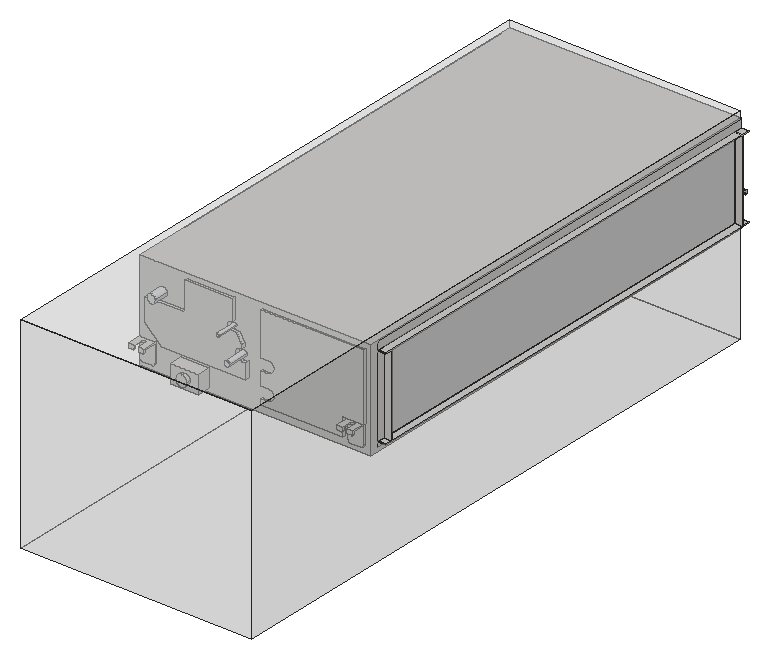
Revit family "outputfile", category 機械設備, Revit 2024
Family settings
  丸型コネクタ寸法 = 半径を使用
  パーツ タイプ = 標準
  OmniClass 番号 = 23.75.10.24.21.27.27
  OmniClass タイトル = Split System Air Conditioning Units
  作業面ベース = いいえ
  常に垂直 = はい
  ロード時にボイドで切り取り = いいえ
  注釈の向きを維持 = いいえ
  共有 = いいえ
  部屋計算ポイント = はい
Parameters (values of type "FXMQ100PAV4")
  Description = ""
  製造元 = "Daikin"
  書き出し IFC クラス(タイプ) = "IfcUnitaryEquipmentType"
  定義済み IFC タイプ(タイプ) = "AIRCONDITIONINGUNIT"
  Cost = 0
  モデル = "FXMQ100PAV4"
  Type Comments = ""
  Keynote = ""
  Type Image = (empty or 0)
  Assembly Code = ""
  r_Liquid Pipe Size = Liquid Pipe Size / 2  # 4.75 mm
  r_Gas Pipe Size = Gas Pipe Size / 2  # 7.95 mm
  r_Drain Pipe Size = Drain Pipe Size / 2  # 12.5 mm
  lw_power = 396.0 mm  # constant formula
  lh_SA = 165.0 mm  # constant formula
  lw_SA = if(Depth = 550.0 mm, 210.0 mm, if(Depth = 700.0 mm, 285.0 mm, if(Depth = 1000.0 mm, 435.0 mm, 635.0 mm)))  # 635.0 mm
  lw_RA = if(Depth = 550.0 mm, 288.0 mm, if(Depth = 700.0 mm, 363.0 mm, if(Depth = 1000.0 mm, 513.0 mm, 713.0 mm)))  # 713.0 mm
  lh_power = 60.0 mm + [h***]  # 60.0 mm
  lh_mountinghole1 = lh_mountinghole + [h***]  # 80.0 mm
  lh_RA = 150.0 mm  # constant formula
  ld_power = Depth / 2  # 700.0 mm
  Voltage_comment_60Hz = "220"
  Voltage_comment_50Hz = "220-240"
  Voltage_60Hz = 220 V
  Voltage_50Hz = 220 V
  URL = ""
  Supply Air Direction [instance] = yes
  Sound Power Level_H speed (dB) = 61
  Phase_60Hz = 1
  Phase_50Hz = 1
  Minimum External Static Pressure = 50.00 Pa
  Minimum Circuit Amps_60Hz = 2.9 A
  Minimum Circuit Amps_50Hz = 2.9 A
  Maximum Fuse Amps_60Hz = 16.0 A
  Maximum Fuse Amps_50Hz = 16.0 A
  Maximum External Static Pressure = 200.00 Pa
  Material_Casing = DAIKIN_GalvanizedSteel_Casing_indoorunit
  lw_mountinghole = 631.0 mm  # constant formula
  lh_gaspipe = 144.0 mm + [h***]  # 144.0 mm
  lh_mountinghole = 80.0 mm  # constant formula
  lh_liquidpipe = 212.0 mm + [h***]  # 212.0 mm
  lh_drainpipe = 232.0 mm + [h***]  # 232.0 mm
  lh_antena = Height - lh_mountinghole + 1.0 mm  # 221.0 mm
  ld_drainpipe = Depth / 2 + 54.0 mm  # 754.0 mm
  ld_liquidpipe = 765.0 mm
  ld_gaspipe = 765.0 mm
  ld_mountinghole = Depth + 38.0 mm  # 1438.0 mm
  h*** = 0.0 mm  # constant formula
  lw_liquidpipe = 290.0 mm  # constant formula
  lw_gaspipe = 318.0 mm  # constant formula
  lw_drainpipe = 80.0 mm  # constant formula
  Width = 700.0 mm
  Version = "ver.1.0"
  Unit Type = "Middle-High Static Pressure Duct Type"
  Unit Mass Weight = 45.00 kg
  Unit Designation [instance] = ""
  Uniclass2015Version = "Products v1.30"
  Uniclass2015Title = "Variable refrigerant flow units"
  Uniclass2015Code = "Pr_70_65_03_94"
  Total Heating Capacity [instance] = 0.000 kW
  Total Cooling Capacity [instance] = 0.000 kW
  Sound Pressure Level_M speed (dBA) = 0
  Sound Pressure Level_L speed (dBA) = 39
  Sound Pressure Level_H speed (dBA) = 43
  Series = "VRV Fan Coil Unit"
  Sensible Cooling Capacity [instance] = 0.000 kW
  SA Duct Size Width = if(Depth = 550.0 mm, 310.0 mm, if(Depth = 700.0 mm, 460.0 mm, if(Depth = 1000.0 mm, 760.0 mm, 1160.0 mm)))  # 1160.0 mm
  SA Duct Size Height = 215.0 mm
  Refrigerant Type = "R410A"
  RA Duct Size Width = if(Depth = 550.0 mm, 475.0 mm, if(Depth = 700.0 mm, 625.0 mm, if(Depth = 1000.0 mm, 925.0 mm, 1325.0 mm)))  # 1325.0 mm
  RA Duct Size Height = 247.0 mm
  Power Input (Heating) = 0.364 kW
  Power Input (Cooling) = 0.376 kW
  Option Accessory 3 [instance] = ""
  Option Accessory 2 [instance] = ""
  Option Accessory 1 [instance] = ""
  Nominal Heating Capacity = 12.500 kW
  Nominal Cooling Capacity = 11.200 kW
  Minimum Airflow = 1380.00 m³/h
  Median Airflow = 1620.00 m³/h
  Maximum Airflow = 1920.00 m³/h
  Load Classification = HVAC
  Liquid Pipe Size = 9.5 mm
  Link_Nested Family [instance] = ""
  IfcVersion = "0"
  IfcExportType = "AIRCONDITIONINGUNIT"
  IfcExportAs = "IfcUnitaryEquipmentType"
  Height = 300.0 mm
  Heating Entering Wet Bulb Temperature [instance] = 0.00 °C
  Heating Entering Dry Bulb Temperature [instance] = 0.00 °C
  Heating Ambient Wet Bulb Temperature [instance] = 0.00 °C
  Heating Ambient Dry Bulb Temperature [instance] = 0.00 °C
  Heat Exchanger Type = "Cross Fin Coil"
  Gas Pipe Size = 15.9 mm
  Frequency_60Hz = 60 Hz
  Frequency_50Hz = 50 Hz
  Fan Type = "Sirocco Fan"
  Fan Drive = "Direct Drive"
  FCU Tag No. [instance] = ""
  Drain Pipe Size = 25.0 mm
  Design Supply Airflow [instance] = 0.00 m³/h
  Design Return Airflow [instance] = 0.00 m³/h
  Design External Static Pressure [instance] = 0.00 Pa
  Depth = 1400.0 mm
  既定の高さ = 0.0 mm
  Cooling Entering Wet Bulb Temperature [instance] = 0.00 °C
  Cooling Entering Dry Bulb Temperature [instance] = 0.00 °C
  Cooling Ambient Wet Bulb Temperature [instance] = 0.00 °C
  Cooling Ambient Dry Bulb Temperature [instance] = 0.00 °C
  Clearance visibility [instance] = yes
  Clearance Top = 20.0 mm
  Clearance Right = 0.0 mm
  Clearance Rear = 0.0 mm
  Clearance Left = 0.0 mm
  Clearance Front = 450.0 mm
  Clearance Bottom = 300.0 mm
Reference planes
  plane 1 "Center (Front/Back)": y = 0
  plane 2 "h": z = 0
  plane 3 "Center (Left/Right)": x = 0
  plane 4 "Back": y = 700
  plane 5 "Front": y = -700
  plane 6 "Left": x = -350
  plane 7 "Reight": x = 350
  plane 8 "Top": z = 0
  plane 9 "Bottom": z = -300
  plane 10: y = -215
  plane 11: y = 700
  plane 12: y = -1150
  plane 13: x = -350
  plane 14: x = 350
  plane 15: z = 20
  plane 16: z = -600
  plane 17: x = -350
  plane 18: z = -135
  plane 19: x = -349
  plane 20: x = 349
  plane 21: y = 65
  plane 22: y = 13
  plane 23: z = -150
  plane 24: y = -710.8
  plane 25: z = -14
  plane 26: z = -219
  plane 27: x = -324
  plane 28: x = -60
  plane 29: x = -20
  plane 30: z = -156
  plane 31: x = -32
  plane 32: z = -88
  plane 33: x = 23
  plane 34: x = 335
  plane 35: z = -15.8
  plane 36: z = -274.8
  plane 37: z = -219.8
  plane 38: x = 271
  plane 39: x = -223.3
  plane 40: x = -138.3
  plane 41: z = -232.7
  plane 42: z = -288.5
  plane 43: y = -741
  plane 44: x = -181
  plane 45: z = -260
  plane 46: y = -751
  plane 47: z = -163.8
  plane 48: z = -239.8
  plane 49: x = 46
  plane 50: z = -88
  plane 51: x = -60
  plane 52: y = -765
  plane 53: z = -156
  plane 54: x = -32
  plane 55: y = -754
  plane 56: z = -68
  plane 57: x = -270
  plane 58: x = -270
  plane 59: x = -60
  plane 60: x = -32
  plane 61: x = 46
  plane 62: x = -323
  plane 63: x = 308
  plane 64: y = -719
  plane 65: y = 719
  plane 66: z = -220
  plane 67: y = -706
  plane 68: x = -204
  plane 69: z = -100.2
  plane 70: x = -374
  plane 71: x = 374
Forms (mm)
  Extrusion 1, solid, material "DAIKIN_GalvanizedSteel_Casing_indoorunit" <- "Material_Casing"
    sketch origin (0, 0, 0) x (1, 0, 0) y (0, 1, 0)
      loop
        line (-349, 700) -> (-349, -700) -> (349, -700) -> (349, 700) -> (-349, 700)
    from -300 to 0
  Extrusion 2, solid, material "DAIKIN_GalvanizedSteel_Casing_indoorunit" <- "Material_Casing"
    sketch origin (0, 0, 0) x (1, 0, 0) y (0, 0, 1)
      loop
        line (-324, -100.2) -> (-324, -168) -> (-273, -219) -> (-20, -219) -> (-20, -173.5) -> (-32, -173.5)
        arc (-32, -173.5) -> (-49.5, -156) -> (-32, -138.5) r 17.5
        line (-32, -138.5) -> (-32, -127.5) -> (-47, -101) -> (-60, -101)
        arc (-60, -101) -> (-73, -88) -> (-60, -75) r 13
        line (-60, -75) -> (-60, -14) -> (-204, -14) -> (-204, -100.2) -> (-324, -100.2)
    from 700 to 710.8
  Extrusion 3, solid, material "DAIKIN_GalvanizedSteel_Casing_indoorunit" <- "Material_Casing"
    sketch origin (0, 0, 0) x (1, 0, 0) y (0, 0, 1)
      loop
        line (23, -274.8) -> (271, -274.8) -> (271, -219.8) -> (335, -219.8) -> (335, -15.8) -> (23, -15.8) -> (23, -146.3) -> (46, -146.3)
        arc (46, -146.3) -> (63.5, -163.8) -> (46, -181.3) r 17.5
        line (46, -181.3) -> (23, -181.3) -> (23, -222.3) -> (46, -222.3)
        arc (46, -222.3) -> (63.5, -239.8) -> (46, -257.3) r 17.5
        line (46, -257.3) -> (23, -257.3) -> (23, -274.8)
    from 700 to 706
  Extrusion 4, solid, material "DAIKIN_GalvanizedSteel_Casing_indoorunit" <- "Material_Casing"
    sketch origin (0, 0, 0) x (1, 0, 0) y (0, 0, 1)
      loop
        line (-223.3, -232.7) -> (-223.3, -288.5) -> (-138.3, -288.5) -> (-138.3, -232.7) -> (-223.3, -232.7)
    from 700 to 741
  Extrusion 5, solid, material "DAIKIN_GalvanizedSteel_Casing_indoorunit" <- "Material_Casing"
    sketch origin (0, 0, 0) x (1, 0, 0) y (0, 0, 1)
      loop
        circle (-181, -260) r 16.5
    from 741 to 751
  Extrusion 6, solid
    sketch origin (0, 0, 0) x (1, 0, 0) y (0, 0, 1)
      loop
        circle (-60, -88) r 4.75
    from 700 to 765
  Extrusion 7, solid
    sketch origin (0, 0, 0) x (1, 0, 0) y (0, 0, 1)
      loop
        circle (-32, -156) r 7.95
    from 700 to 765
  Extrusion 8, solid
    sketch origin (0, 0, 0) x (1, 0, 0) y (0, 0, 1)
      loop
        circle (-270, -68) r 12.5
    from 710.8 to 754
Dimensions and locks
  "Height": plane 8 "Top" to plane 9 "Bottom"
  equal spacing: plane 4 "Back", plane 1 "Center (Front/Back)", plane 5 "Front"
  "Depth": plane 4 "Back" to plane 5 "Front"
  equal spacing: plane 6 "Left", plane 3 "Center (Left/Right)", plane 7 "Reight"
  "Width": plane 6 "Left" to plane 7 "Reight"
  "Clearance Left": plane 13 to plane 6 "Left"
  "Clearance Right": plane 7 "Reight" to plane 14
  "Clearance Rear": plane 11 to plane 4 "Back"
  "Clearance Front": plane 5 "Front" to plane 12
  "Clearance Top": plane 15 to plane 8 "Top"
  "Clearance Bottom": plane 9 "Bottom" to plane 16
  "lh_SA": plane 18 to plane 9 "Bottom"
  locked: plane 17 to plane 19 at 1
  locked: plane 20 to plane 14 at 1
  "lw_SA": plane 11 to plane 21
  "lw_RA": plane 22 to plane 5 "Front"
  "lh_RA": plane 23 to plane 9 "Bottom"
  locked: plane 5 "Front" to plane 24 at 10.8
  plane 29 to plane 28 to plane 27 to plane 6 "Left" = 40.0 mm, 264.0 mm, 26.0 mm
  locked: plane 31 to plane 6 "Left" at 318
  plane 34 to plane 33 to plane 6 "Left" = 312.0 mm locked, 373.0 mm locked
  locked: plane 34 to plane 38 at 64
  locked: plane 37 to plane 36 at 55
  plane 40 to plane 39 to plane 6 "Left" = 85.0 mm locked, 126.7 mm locked
  locked: plane 5 "Front" to plane 43 at 41
  locked: plane 44 to plane 6 "Left" at 169
  locked: plane 43 to plane 46 at 10
  plane 47 to plane 48 to plane 36 = 76.0 mm locked, 35.0 mm locked
  locked: plane 49 to plane 33 at 23
  "lw_liquidpipe": plane 51 to plane 6 "Left"
  "lh_liquidpipe": plane 50 to plane 9 "Bottom"
  "lh_gaspipe": plane 53 to plane 9 "Bottom"
  "lw_gaspipe": plane 54 to plane 6 "Left"
  "ld_gaspipe": plane 52 to plane 1 "Center (Front/Back)"
  "ld_drainpipe": plane 55 to plane 1 "Center (Front/Back)"
  "lh_drainpipe": plane 56 to plane 9 "Bottom"
  "lw_drainpipe": plane 57 to plane 6 "Left"
  "lw_drainpipe": plane 6 "Left" to plane 58
  "lw_liquidpipe": plane 6 "Left" to plane 59
  "lw_gaspipe": plane 6 "Left" to plane 60
  "lw_power": plane 6 "Left" to plane 61
  plane 17 to plane 62 = 27.0 mm
  "lw_mountinghole": plane 62 to plane 63
  equal spacing: plane 64, plane 1 "Center (Front/Back)", plane 65
  "ld_mountinghole": plane 65 to plane 64
  "lh_mountinghole": plane 66 to plane 9 "Bottom"
  plane 8 "Top" to plane 41 to plane 42 = 232.7 mm locked, 55.8 mm locked
  locked: plane 8 "Top" to plane 45 at 260
  plane 8 "Top" to plane 25 to plane 26 = 14.0 mm locked, 205.0 mm locked
  plane 8 "Top" to plane 32 to plane 30 = 88.0 mm locked, 68.0 mm locked
  plane 8 "Top" to plane 35 to plane 36 = 15.8 mm locked, 259.0 mm locked
  locked: plane 5 "Front" to plane 67 at 6
  locked: plane 25 to plane 69 at 86.2
  locked: plane 27 to plane 68 at 120
  locked: plane 70 to plane 6 "Left" at 24
  locked: plane 14 to plane 71 at 24
  "r_Liquid Pipe Size": radius of Extrusion 6 sketch curve
  "r_Gas Pipe Size": radius of Extrusion 7 sketch curve
  "r_Drain Pipe Size": radius of Extrusion 8 sketch curve
  aligned and locked: level to plane 2 "h"
  aligned and locked: plane 8 "Top" to Extrusion 1
  aligned and locked: Extrusion 1 to plane 9 "Bottom"
  aligned and locked: nested 5 to plane 12
  aligned and locked: plane 13 to nested 5
  aligned and locked: plane 14 to nested 5
  aligned and locked: nested 5 to plane 13
  aligned and locked: plane 11 to nested 5
  aligned and locked: plane 15 to nested 5
  aligned and locked: plane 16 to nested 5
  aligned and locked: plane 5 "Front" to Extrusion 1 sketch curve
  aligned and locked: Extrusion 1 to plane 19
  aligned and locked: plane 20 to Extrusion 1
  aligned and locked: nested 7 to plane 19
  aligned and locked: nested 7 to plane 21
  aligned and locked: plane 18 to nested 7
  aligned and locked: plane 20 to nested 8
  aligned and locked: plane 22 to nested 8
  aligned and locked: plane 23 to nested 8
  aligned and locked: Extrusion 2 to plane 24
  aligned and locked: plane 5 "Front" to Extrusion 2
  aligned and locked: plane 36 to Extrusion 3 sketch curve
  aligned and locked: plane 38 to Extrusion 3 sketch curve
  aligned and locked: plane 37 to Extrusion 3 sketch curve
  aligned and locked: Extrusion 3 sketch curve to plane 34
  aligned and locked: Extrusion 3 sketch curve to plane 35
  aligned and locked: Extrusion 3 sketch curve to plane 33
  aligned and locked: plane 5 "Front" to Extrusion 3
  aligned and locked: Extrusion 4 sketch curve to plane 41
  aligned and locked: Extrusion 4 sketch curve to plane 39
  aligned and locked: plane 42 to Extrusion 4 sketch curve
  aligned and locked: plane 40 to Extrusion 4 sketch curve
  aligned and locked: Extrusion 4 to plane 43
  aligned and locked: plane 5 "Front" to Extrusion 4
  aligned and locked: Extrusion 5 sketch curve to plane 44
  aligned and locked: plane 45 to Extrusion 5 sketch curve
  aligned and locked: Extrusion 5 to plane 46
  aligned and locked: plane 43 to Extrusion 5
  aligned and locked: Extrusion 6 sketch curve to plane 51
  aligned and locked: plane 50 to Extrusion 6 sketch curve
  aligned and locked: Extrusion 6 to plane 52
  aligned and locked: plane 5 "Front" to Extrusion 6
  aligned and locked: Extrusion 7 sketch curve to plane 54
  aligned and locked: plane 53 to Extrusion 7 sketch curve
  aligned and locked: Extrusion 7 to Extrusion 6
  aligned and locked: plane 5 "Front" to Extrusion 7
  aligned and locked: Extrusion 8 sketch curve to plane 57
  aligned and locked: plane 56 to Extrusion 8 sketch curve
  aligned and locked: Extrusion 8 to plane 55
  aligned and locked: plane 24 to Extrusion 8
  aligned and locked: nested 3 to plane 55
  aligned and locked: nested 3 to plane 58
  aligned and locked: nested 2 to plane 59
  aligned and locked: nested 2 to plane 52
  aligned and locked: nested 1 to plane 60
  aligned and locked: Extrusion 7 to plane 52
  aligned and locked: nested 1 to plane 52
  aligned and locked: nested 6 to plane 5 "Front"
  aligned and locked: nested 6 to plane 61
  aligned and locked: plane 62 to nested 10
  aligned and locked: nested 10 to plane 5 "Front"
  aligned and locked: plane 63 to nested 9
  aligned and locked: nested 9 to plane 5 "Front"
  aligned and locked: nested 11 to plane 62
  aligned and locked: plane 4 "Back" to nested 11
  aligned and locked: nested 12 to plane 63
  aligned and locked: plane 4 "Back" to nested 12
  aligned and locked: plane 66 to nested 10
  aligned and locked: plane 66 to nested 11
  aligned and locked: plane 66 to nested 9
  aligned and locked: plane 66 to nested 12
  aligned and locked: plane 62 to nested 14
  aligned and locked: nested 14 to plane 65
  aligned and locked: plane 63 to nested 13
  aligned and locked: nested 13 to plane 65
  aligned and locked: plane 63 to nested 16
  aligned and locked: plane 64 to nested 16
  aligned and locked: plane 64 to nested 15
  aligned and locked: plane 62 to nested 15
  aligned and locked: Extrusion 3 to plane 67
  aligned and locked: Extrusion 2 sketch curve to plane 68
  aligned and locked: plane 69 to Extrusion 2 sketch curve
  aligned and locked: nested 17 to plane 21
  aligned and locked: nested 17 to plane 70
  aligned and locked: plane 18 to nested 17
  aligned and locked: plane 22 to nested 18
  aligned and locked: plane 71 to nested 18
  aligned and locked: nested 18 to plane 23
  aligned and locked: nested 4 to plane 3 "Center (Left/Right)"
  aligned and locked: plane 1 "Center (Front/Back)" to nested 4
  aligned and locked: level to plane 8 "Top"
Automatic sketch dimensions
  plane 6 "Left" to Extrusion 1 sketch curve = 1.0 mm
  Extrusion 1 sketch curve to plane 7 "Reight" = 1.0 mm
  Extrusion 1 sketch curve to plane 4 "Back" = 0.0 mm
  Extrusion 3 sketch curve to plane 33 = 0.0 mm  (x2)
  Extrusion 3 sketch curve to plane 47 = 0.0 mm
  Extrusion 3 sketch curve to plane 49 = 0.0 mm  (x4)
  Extrusion 3 sketch curve to plane 48 = 0.0 mm
  Extrusion 3 sketch curve to plane 37 = 2.5 mm
  plane 23 to Extrusion 3 sketch curve = 3.7 mm
  plane 27 to Extrusion 2 sketch curve = 0.0 mm
  Extrusion 2 sketch curve to plane 26 = 0.0 mm
  Extrusion 2 sketch curve to plane 28 = 0.0 mm
  Extrusion 2 sketch curve to plane 31 = 0.0 mm
  Extrusion 2 sketch curve to plane 29 = 0.0 mm
  Extrusion 2 sketch curve to plane 30 = 0.0 mm
  Extrusion 2 sketch curve to plane 32 = 0.0 mm
  Extrusion 2 sketch curve to plane 25 = 0.0 mm
  Extrusion 2 sketch curve to Extrusion 2 sketch curve = 13.0 mm
  Extrusion 2 sketch curve to Extrusion 2 sketch curve = 17.5 mm
  plane 18 to Extrusion 2 sketch curve = 7.5 mm
  Extrusion 2 sketch curve to plane 58 = 3.0 mm
  Extrusion 2 sketch curve to plane 30 = 12.0 mm
  Extrusion 2 sketch curve to Extrusion 2 sketch curve = 0.8 mm
  radius of Extrusion 5 sketch curve = 16.5 mm
Nested families
  nested 1: "daikin_connector_rotate2" at (-32, 0, -156), length <- "ld_gaspipe", built-in parameter 1001364 <- "lh_gaspipe", radius <- "r_Gas Pipe Size", type "daikin_connector_rotate2"
    with radius 7.95 mm, length 765.0 mm, angle_vertical 90.00°
  nested 2: "daikin_connector_rotate2" at (-60, 0, -88), length <- "ld_liquidpipe", built-in parameter 1001364 <- "lh_liquidpipe", radius <- "r_Liquid Pipe Size", type "daikin_connector_rotate2"
    with radius 4.75 mm, length 765.0 mm, angle_vertical 90.00°
  nested 3: "daikin_connector_rotate2" at (-270, 0, -68), length <- "ld_drainpipe", built-in parameter 1001364 <- "lh_drainpipe", radius <- "r_Drain Pipe Size", type "daikin_connector_rotate2"
    with radius 12.5 mm, length 754.0 mm, angle_vertical 90.00°
  nested 4: "daikin_△_symbolicline" at (0, 0, 300) x (0, -1, 0) z (0, 0, 1), built-in parameter 1001364 <- "Height", visible <- "Supply Air Direction", type "daikin_△_symbolicline"
    with length 200.0 mm
  nested 5: "daikin_clearancespace" at (0, -225, -289.881), visible <- "Clearance visibility", show <- "Clearance visibility", Link_Nested Family <- "Link_Nested Family", type "daikin_clearancespace"
    with width 700.0 mm, show yes, height 620.0 mm, depth 1850.0 mm, Link_Nested Family ""
  nested 6: "daikin_connector_rotate2" at (46, 0, -240), built-in parameter 1001364 <- "lh_power", length <- "ld_power", type "daikin_connector_rotate2"
    with radius 10.0 mm, length 700.0 mm, angle_vertical 90.00°
  nested 7: "daikin_ductflange_FXMQ-PAV4_2" at (-349, 65, -135) x (0, -1, 0) z (0, 0, 1), type "daikin_ductflange_FXMQ-PAV4_2"
    with width 1160.0 mm, w 1400.0 mm
  nested 8: "daikin_ductflange_FXMQ-PAV4_1" at (349, 13, -150) x (0, 1, 0) z (0, 0, 1), type "daikin_ductflange_FXMQ-PAV4_1"
    with width 1325.0 mm, w 1400.0 mm
  nested 9: "daikin_hangerfixture_FXMQ-PAV4" at (308, -700, -220), type "daikin_hangerfixture_FXMQ-PAV4"
  nested 10: "daikin_hangerfixture_FXMQ-PAV4" at (-323, -700, -220), type "daikin_hangerfixture_FXMQ-PAV4"
  nested 11: "daikin_hangerfixture_FXMQ-PAV4" at (-323, 700, -220) x (-1, 0, 0) z (0, 0, 1), type "daikin_hangerfixture_FXMQ-PAV4"
  nested 12: "daikin_hangerfixture_FXMQ-PAV4" at (308, 700, -220) x (-1, 0, 0) z (0, 0, 1), type "daikin_hangerfixture_FXMQ-PAV4"
  nested 13: "daikin_mountinghole" at (308, 719, -300), h_mountinghole <- "lh_mountinghole1", l_antenna <- "lh_antena", Link_Nested Family <- "Link_Nested Family", type "daikin_mountinghole"
    with show yes, l_antenna 221.0 mm, h_mountinghole 80.0 mm, Link_Nested Family ""
  nested 14: "daikin_mountinghole" at (-323, 719, -300), h_mountinghole <- "lh_mountinghole1", l_antenna <- "lh_antena", Link_Nested Family <- "Link_Nested Family", type "daikin_mountinghole"
    with show yes, l_antenna 221.0 mm, h_mountinghole 80.0 mm, Link_Nested Family ""
  nested 15: "daikin_mountinghole" at (-323, -719, -300), h_mountinghole <- "lh_mountinghole1", l_antenna <- "lh_antena", Link_Nested Family <- "Link_Nested Family", type "daikin_mountinghole"
    with show yes, l_antenna 221.0 mm, h_mountinghole 80.0 mm, Link_Nested Family ""
  nested 16: "daikin_mountinghole" at (308, -719, -300), h_mountinghole <- "lh_mountinghole1", l_antenna <- "lh_antena", Link_Nested Family <- "Link_Nested Family", type "daikin_mountinghole"
    with show yes, l_antenna 221.0 mm, h_mountinghole 80.0 mm, Link_Nested Family ""
  nested 17: "daikin_connector_rotate2" at (-350, 65, -135) x (0, -1, 0) z (0, 0, 1), type "daikin_connector_rotate2"
    with radius 10.0 mm, length 24.0 mm, angle_vertical 90.00°
  nested 18: "daikin_connector_rotate2" at (350, 13, -150) x (0, 1, 0) z (0, 0, 1), type "daikin_connector_rotate2"
    with radius 10.0 mm, length 24.0 mm, angle_vertical 90.00°
Connectors
  piping at (-270, -754, -68), diameter 25, driven by "r_Drain Pipe Size"
    settings: on nested 3, index 3, connector inside diameter 609.6 mm, connector length 0.0 mm, flow factor 0, pipe flow 0.00 m³/h, pressure drop 0.0 Pa, fitting loss kfactor 0, connector angle 0.00°, fixture units 0, engagement length 0.0 mm, angle of deflection 0.00°, flow configuration 1, flow direction 2, fitting loss method 4, system type 16, joint type 0, gender type 0, connector reference index -1, connector utility 0, adjustable connector no, is connector primary yes, connector description "Condensate Drain Piping"
  piping at (-32, -765, -156), diameter 15.9, driven by "r_Gas Pipe Size"
    settings: on nested 1, index 4, connector inside diameter 609.6 mm, connector length 0.0 mm, flow factor 0, pipe flow 0.00 m³/h, pressure drop 0.0 Pa, fitting loss kfactor 0, connector angle 0.00°, fixture units 0, engagement length 0.0 mm, angle of deflection 0.00°, flow configuration 1, flow direction 2, fitting loss method 0, system type 29, joint type 0, gender type 0, connector reference index -1, connector utility 0, adjustable connector no, is connector primary no, connector description "Refrigerant Gas Piping"
  piping at (-60, -765, -88), diameter 9.5, driven by "r_Liquid Pipe Size"
    settings: on nested 2, index 5, connector inside diameter 609.6 mm, connector length 0.0 mm, flow factor 0, pipe flow 0.00 m³/h, pressure drop 0.0 Pa, fitting loss kfactor 0, connector angle 0.00°, fixture units 0, engagement length 0.0 mm, angle of deflection 0.00°, flow configuration 1, flow direction 1, fitting loss method 0, system type 29, joint type 0, gender type 0, connector reference index -1, connector utility 0, adjustable connector no, is connector primary no, connector description "Refrigerant Liquid Piping"
  electrical at (46, -700, -240), driven by "Load Classification"
    settings: on nested 6, index 6, voltage 0 V, apparent load 0 VA, apparent load phase1 0 VA, apparent load phase2 0 VA, apparent load phase3 0 VA, power factor 1, load classification "HVAC", number of poles 1, system type 30, power factor state 1, is connector primary yes, connector utility no, sub classification motor no, connector description "Power Supply"
  hvac at (-374, 65, -135), driven by "SA Duct Size Height", driven by "SA Duct Size Width"
    settings: on nested 17, index 7, duct flow 0.00 m³/h, flow factor 0, pres drop 0.00 Pa, loss coef 0, conn angle 0.00°, conn width 1160.0 mm, conn height 215.0 mm, conn diameter 609.6 mm, duct sys type 1, conn prof type 1, flow config 0, flow direction 2, loss method 4, conn ref index -1, conn util no, is conn primary yes, conn desc "SA Duct"
  hvac at (374, 13, -150), driven by "RA Duct Size Height", driven by "RA Duct Size Width"
    settings: on nested 18, index 8, duct flow 0.00 m³/h, flow factor 0, pres drop 0.00 Pa, loss coef 0, conn angle 0.00°, conn width 1325.0 mm, conn height 247.0 mm, conn diameter 609.6 mm, duct sys type 2, conn prof type 1, flow config 0, flow direction 1, loss method 4, conn ref index -1, conn util no, is conn primary no, conn desc "RA Duct"
Definition of nested family "daikin_clearancespace"
  Parameters (values of type "daikin_clearancespace")
    width [instance] = 1823.963 mm
    show [instance] = yes
    material = none
    height [instance] = 1359.762 mm
    depth [instance] = 880.0 mm
    Default Elevation = 0.0 mm
    Link_Nested Family [instance] = ""
  Reference planes
    plane 1 "Center (Front/Back)": y = 0
    plane 2 "Center (Elevation)": z = -0.119
    plane 3 "Center (Left/Right)": x = 0
    plane 4: y = 440
    plane 5: y = -440
    plane 6 "Right": x = 911.982
    plane 7 "Left": x = -911.982
    plane 8 "Top": z = 679.762
    plane 9 "Bottom": z = -680
  Forms (mm)
    Extrusion 1, solid, material <- "material", visible <- "show"
      sketch origin (0, 0, 0) x (1, 0, 0) y (0, 1, 0)
        loop
          line (-911.982, 440) -> (-911.982, -440) -> (911.982, -440) -> (911.982, 440) -> (-911.982, 440)
      from -680 to 679.762
  Lines and regions (mm)
    symbolic lines, visible <- "show"
      curve 1: line (911.982, 440, 0) -> (-911.982, 440, 0)
      curve 2: line (-911.982, 440, 0) -> (-911.982, -440, 0)
      curve 3: line (-911.982, -440, 0) -> (911.982, -440, 0)
      curve 4: line (911.982, -440, 0) -> (911.982, 440, 0)
      curve 5: line (911.982, 0, 679.762) -> (-911.982, 0, 679.762)
      curve 6: line (911.982, 0, -680) -> (911.982, 0, 679.762)
      curve 7: line (-911.982, 0, -680) -> (911.982, 0, -680)
      curve 8: line (-911.982, 0, 679.762) -> (-911.982, 0, -680)
      curve 9: line (0, 440, 679.762) -> (0, -440, 679.762)
      curve 10: line (0, -440, 679.762) -> (0, -440, -680)
      curve 11: line (0, 440, -680) -> (0, 440, 679.762)
      curve 12: line (0, -440, -680) -> (0, 440, -680)
  Dimensions and locks
    "width": plane 7 "Left" to plane 6 "Right"
    "depth": plane 4 to plane 5
    "height": plane 8 "Top" to plane 9 "Bottom"
    equal spacing: plane 7 "Left", plane 3 "Center (Left/Right)", plane 6 "Right"
    equal spacing: plane 4, plane 1 "Center (Front/Back)", plane 5
    equal spacing: plane 8 "Top", plane 2 "Center (Elevation)", plane 9 "Bottom"
    aligned and locked: level to plane 2 "Center (Elevation)"
    aligned and locked: Extrusion 1 sketch curve to plane 4
    aligned and locked: plane 7 "Left" to Extrusion 1 sketch curve
    aligned and locked: Extrusion 1 sketch curve to plane 5
    aligned and locked: Extrusion 1 sketch curve to plane 6 "Right"
    aligned and locked: plane 8 "Top" to Extrusion 1
    aligned and locked: curve 1 to Extrusion 1
    aligned and locked: curve 2 to Extrusion 1
    aligned and locked: curve 3 to Extrusion 1
    aligned and locked: curve 4 to Extrusion 1
    aligned and locked: curve 5 to Extrusion 1
    aligned and locked: curve 6 to Extrusion 1
    aligned and locked: curve 7 to Extrusion 1
    aligned and locked: curve 8 to Extrusion 1
    aligned and locked: curve 9 to Extrusion 1
    aligned and locked: curve 10 to Extrusion 1
    aligned and locked: curve 11 to Extrusion 1
    aligned and locked: curve 12 to Extrusion 1
    aligned and locked: Extrusion 1 to plane 9 "Bottom"
Definition of nested family "daikin_ductflange_FXMQ-PAV4_2"
  Parameters (values of type "daikin_ductflange_FXDSQ-AVM2")
    width = if(w = 550.0 mm, 310.0 mm, if(w = 700.0 mm, 460.0 mm, if(w = 1000.0 mm, 760.0 mm, 1160.0 mm)))  # 310.0 mm
    material = none
    height = 215.0 mm
    depth = 1.0 mm
    w = 550.0 mm
    Default Elevation = 0.0 mm
  Reference planes
    plane 1 "Center (Front/Back)": y = 0
    plane 2: z = 0
    plane 3 "Center (Left/Right)": x = 0
    plane 4: z = 107.5
    plane 5: z = -107.5
    plane 6: y = -25
    plane 7: z = 132.5
    plane 8: z = 108.5
    plane 9: y = -1
    plane 10: x = -177.5
    plane 11: x = 177.5
    plane 12: z = -132.5
    plane 13: z = -108.5
    plane 14: y = -1
    plane 15: x = 155
    plane 16: x = -155
    plane 17: x = 156
    plane 18: z = 106.5
    plane 19: z = -106.5
    plane 20: x = -156
    plane 21: z = 106.5
    plane 22: z = -106.5
    plane 23: y = -1
  Forms (mm)
    Extrusion 1, solid, material <- "material"
      sketch origin (0, 0, 0) x (0, 1, 0) y (0, 0, 1)
        loop
          line (-25, 107.5) -> (0, 107.5) -> (0, 132.5) -> (-1, 132.5) -> (-1, 108.5) -> (-25, 108.5) -> (-25, 107.5)
      from -177.5 to 177.5
    Extrusion 2, solid, material <- "material"
      sketch origin (0, 0, 0) x (0, 1, 0) y (0, 0, 1)
        loop
          line (-25, -107.5) -> (-25, -108.5) -> (-1, -108.5) -> (-1, -132.5) -> (0, -132.5) -> (0, -107.5) -> (-25, -107.5)
      from -177.5 to 177.5
    Extrusion 3, solid, material <- "material"
      sketch origin (0, 0, 0) x (1, 0, 0) y (0, 0, 1)
        loop
          line (155, 107.5) -> (155, -107.5) -> (177.5, -107.5) -> (177.5, -106.5) -> (156, -106.5) -> (156, 106.5) -> (177.5, 106.5) -> (177.5, 107.5) -> (155, 107.5)
      from 0 to 25
    Extrusion 4, solid, material <- "material"
      sketch origin (0, 0, 0) x (1, 0, 0) y (0, 0, 1)
        loop
          line (-177.5, 107.5) -> (-177.5, 106.5) -> (-156, 106.5) -> (-156, -106.5) -> (-177.5, -106.5) -> (-177.5, -107.5) -> (-155, -107.5) -> (-155, 107.5) -> (-177.5, 107.5)
      from 0 to 25
    Extrusion 5, solid, material <- "material"
      sketch origin (0, 0, 0) x (1, 0, 0) y (0, 0, 1)
        loop
          line (-177.5, 107.5) -> (-177.5, -107.5) -> (-155, -107.5) -> (-155, 107.5) -> (-177.5, 107.5)
        loop
          line (177.5, 107.5) -> (155, 107.5) -> (155, -107.5) -> (177.5, -107.5) -> (177.5, 107.5)
      from 0 to 1
  Cuts and joins
    joined: Extrusion 1, Extrusion 2, Extrusion 3, Extrusion 4, Extrusion 5
  Dimensions and locks
    plane 4 to level to plane 5 = 107.5 mm locked, 107.5 mm locked
    locked: plane 6 to plane 1 "Center (Front/Back)" at 25
    locked: plane 9 to plane 1 "Center (Front/Back)" at 1
    locked: plane 8 to plane 4 at 1
    locked: plane 11 to plane 15 at 22.5
    locked: plane 16 to plane 10 at 22.5
    locked: plane 17 to plane 15 at 1
    locked: plane 4 to plane 18 at 1
    locked: plane 19 to plane 5 at 1
    "width": plane 15 to plane 16
    plane 4 to plane 5 = 215.0 mm
    equal spacing: plane 15, plane 3 "Center (Left/Right)", plane 16
    locked: plane 16 to plane 20 at 1
    locked: plane 4 to plane 21 at 1
    locked: plane 22 to plane 5 at 1
    locked: plane 23 to plane 1 "Center (Front/Back)" at 1
    aligned and locked: level to plane 2
    aligned and locked: Extrusion 1 to plane 10
    aligned and locked: plane 11 to Extrusion 1
    aligned and locked: plane 5 to Extrusion 2
    aligned and locked: Extrusion 2 to plane 1 "Center (Front/Back)"
    aligned and locked: plane 15 to Extrusion 3 sketch curve
    aligned and locked: Extrusion 3 sketch curve to Extrusion 2  (x2)
    aligned and locked: Extrusion 3 sketch curve to plane 11
    aligned and locked: plane 6 to Extrusion 3
    aligned and locked: Extrusion 2 to plane 10
    aligned and locked: plane 11 to Extrusion 2
    aligned and locked: Extrusion 4 sketch curve to Extrusion 1  (x2)
    aligned and locked: plane 5 to Extrusion 4 sketch curve
    aligned and locked: Extrusion 4 sketch curve to plane 16
    aligned and locked: Extrusion 4 sketch curve to plane 22
    aligned and locked: plane 20 to Extrusion 4 sketch curve
    aligned and locked: plane 21 to Extrusion 4 sketch curve
    aligned and locked: Extrusion 4 to plane 1 "Center (Front/Back)"
    aligned and locked: plane 6 to Extrusion 4
    aligned and locked: Extrusion 5 sketch curve to Extrusion 1  (x4)
    aligned and locked: Extrusion 5 sketch curve to Extrusion 4  (x2)
    aligned and locked: Extrusion 5 sketch curve to Extrusion 3  (x2)
    aligned and locked: Extrusion 5 to plane 1 "Center (Front/Back)"
    aligned and locked: plane 23 to Extrusion 5
  Automatic sketch dimensions
    Extrusion 1 sketch curve to plane 6 = 0.0 mm
    Extrusion 1 sketch curve to plane 7 = 0.0 mm
    Extrusion 1 sketch curve to plane 9 = 0.0 mm
    Extrusion 1 sketch curve to plane 1 "Center (Front/Back)" = 0.0 mm
    Extrusion 1 sketch curve to plane 4 = 0.0 mm
    Extrusion 1 sketch curve to plane 8 = 0.0 mm
    Extrusion 2 sketch curve to plane 6 = 0.0 mm
    plane 12 to Extrusion 2 sketch curve = 0.0 mm
    Extrusion 2 sketch curve to plane 14 = 0.0 mm
    Extrusion 2 sketch curve to plane 1 "Center (Front/Back)" = 0.0 mm
    plane 13 to Extrusion 2 sketch curve = 0.0 mm
    Extrusion 2 sketch curve to plane 5 = 0.0 mm
    Extrusion 3 sketch curve to plane 17 = 0.0 mm
    Extrusion 3 sketch curve to plane 19 = 0.0 mm
    Extrusion 3 sketch curve to plane 18 = 0.0 mm
    Extrusion 3 sketch curve to plane 4 = 0.0 mm
    Extrusion 4 sketch curve to plane 10 = 0.0 mm
Definition of nested family "daikin_ductflange_FXMQ-PAV4_1"
  Parameters (values of type "daikin_ductflange_FXDSQ-AVM")
    width = if(w = 550.0 mm, 475.0 mm, if(w = 700.0 mm, 625.0 mm, if(w = 1000.0 mm, 925.0 mm, 1325.0 mm)))  # 475.0 mm
    material = none
    height = 247.0 mm
    depth = 1.0 mm
    w = 550.0 mm
    Default Elevation = 0.0 mm
  Reference planes
    plane 1 "Center (Front/Back)": y = 0
    plane 2: z = 0
    plane 3 "Center (Left/Right)": x = 0
    plane 4: z = 123.5
    plane 5: z = -123.5
    plane 6: y = -25
    plane 7: z = 146.5
    plane 8: z = 124.5
    plane 9: y = -1
    plane 10: x = -260
    plane 11: x = 260
    plane 12: z = -137
    plane 13: z = -124.5
    plane 14: y = -1
    plane 15: x = 237.5
    plane 16: x = -237.5
    plane 17: x = 238.5
    plane 18: z = 122.5
    plane 19: z = -122.5
    plane 20: x = -238.5
    plane 21: z = 122.5
    plane 22: z = -122.5
    plane 23: y = -1
  Forms (mm)
    Extrusion 1, solid, material <- "material"
      sketch origin (0, 0, 0) x (0, 1, 0) y (0, 0, 1)
        loop
          line (-25, 123.5) -> (0, 123.5) -> (0, 146.5) -> (-1, 146.5) -> (-1, 124.5) -> (-25, 124.5) -> (-25, 123.5)
      from -260 to 260
    Extrusion 2, solid, material <- "material"
      sketch origin (0, 0, 0) x (0, 1, 0) y (0, 0, 1)
        loop
          line (-25, -123.5) -> (-25, -124.5) -> (-1, -124.5) -> (-1, -137) -> (0, -137) -> (0, -123.5) -> (-25, -123.5)
      from -260 to 260
    Extrusion 3, solid, material <- "material"
      sketch origin (0, 0, 0) x (1, 0, 0) y (0, 0, 1)
        loop
          line (237.5, 123.5) -> (237.5, -123.5) -> (260, -123.5) -> (260, -122.5) -> (238.5, -122.5) -> (238.5, 122.5) -> (260, 122.5) -> (260, 123.5) -> (237.5, 123.5)
      from 0 to 25
    Extrusion 4, solid, material <- "material"
      sketch origin (0, 0, 0) x (1, 0, 0) y (0, 0, 1)
        loop
          line (-260, 123.5) -> (-260, 122.5) -> (-238.5, 122.5) -> (-238.5, -122.5) -> (-260, -122.5) -> (-260, -123.5) -> (-237.5, -123.5) -> (-237.5, 123.5) -> (-260, 123.5)
      from 0 to 25
    Extrusion 5, solid, material <- "material"
      sketch origin (0, 0, 0) x (1, 0, 0) y (0, 0, 1)
        loop
          line (-260, 123.5) -> (-260, -123.5) -> (-237.5, -123.5) -> (-237.5, 123.5) -> (-260, 123.5)
        loop
          line (260, 123.5) -> (237.5, 123.5) -> (237.5, -123.5) -> (260, -123.5) -> (260, 123.5)
      from 0 to 1
  Cuts and joins
    joined: Extrusion 1, Extrusion 2, Extrusion 3, Extrusion 4, Extrusion 5
  Dimensions and locks
    plane 4 to level to plane 5 = 123.5 mm, 123.5 mm
    locked: plane 6 to plane 1 "Center (Front/Back)" at 25
    locked: plane 9 to plane 1 "Center (Front/Back)" at 1
    locked: plane 8 to plane 4 at 1
    locked: plane 11 to plane 15 at 22.5
    locked: plane 16 to plane 10 at 22.5
    locked: plane 17 to plane 15 at 1
    locked: plane 4 to plane 18 at 1
    locked: plane 19 to plane 5 at 1
    "width": plane 15 to plane 16
    equal spacing: plane 15, plane 3 "Center (Left/Right)", plane 16
    locked: plane 16 to plane 20 at 1
    locked: plane 4 to plane 21 at 1
    locked: plane 22 to plane 5 at 1
    locked: plane 23 to plane 1 "Center (Front/Back)" at 1
    equal spacing: plane 4, level, plane 5
    locked: plane 7 to plane 4 at 23
    locked: plane 5 to plane 12 at 13.5
    locked: plane 1 "Center (Front/Back)" to plane 14 at 1
    locked: plane 5 to plane 13 at 1
    locked: plane 4 to plane 5 at 247
    aligned and locked: level to plane 2
    aligned and locked: Extrusion 1 to plane 10
    aligned and locked: plane 11 to Extrusion 1
    aligned and locked: plane 5 to Extrusion 2
    aligned and locked: Extrusion 2 to plane 1 "Center (Front/Back)"
    aligned and locked: plane 15 to Extrusion 3 sketch curve
    aligned and locked: Extrusion 3 sketch curve to Extrusion 2  (x2)
    aligned and locked: Extrusion 3 sketch curve to plane 11
    aligned and locked: plane 6 to Extrusion 3
    aligned and locked: Extrusion 2 to plane 10
    aligned and locked: plane 11 to Extrusion 2
    aligned and locked: Extrusion 4 sketch curve to Extrusion 1  (x2)
    aligned and locked: plane 5 to Extrusion 4 sketch curve
    aligned and locked: Extrusion 4 sketch curve to plane 16
    aligned and locked: Extrusion 4 sketch curve to plane 22
    aligned and locked: plane 20 to Extrusion 4 sketch curve
    aligned and locked: plane 21 to Extrusion 4 sketch curve
    aligned and locked: Extrusion 4 to plane 1 "Center (Front/Back)"
    aligned and locked: plane 6 to Extrusion 4
    aligned and locked: Extrusion 5 sketch curve to Extrusion 1  (x4)
    aligned and locked: Extrusion 5 sketch curve to Extrusion 4  (x2)
    aligned and locked: Extrusion 5 sketch curve to Extrusion 3  (x2)
    aligned and locked: Extrusion 5 to plane 1 "Center (Front/Back)"
    aligned and locked: plane 23 to Extrusion 5
  Automatic sketch dimensions
    Extrusion 1 sketch curve to plane 6 = 0.0 mm
    Extrusion 1 sketch curve to plane 7 = 0.0 mm
    Extrusion 1 sketch curve to plane 9 = 0.0 mm
    Extrusion 1 sketch curve to plane 1 "Center (Front/Back)" = 0.0 mm
    Extrusion 1 sketch curve to plane 4 = 0.0 mm
    Extrusion 1 sketch curve to plane 8 = 0.0 mm
    Extrusion 2 sketch curve to plane 6 = 0.0 mm
    plane 12 to Extrusion 2 sketch curve = 0.0 mm
    Extrusion 2 sketch curve to plane 14 = 0.0 mm
    Extrusion 2 sketch curve to plane 1 "Center (Front/Back)" = 0.0 mm
    plane 13 to Extrusion 2 sketch curve = 0.0 mm
    Extrusion 2 sketch curve to plane 5 = 0.0 mm
    Extrusion 3 sketch curve to plane 17 = 0.0 mm
    Extrusion 3 sketch curve to plane 19 = 0.0 mm
    Extrusion 3 sketch curve to plane 18 = 0.0 mm
    Extrusion 3 sketch curve to plane 4 = 0.0 mm
    Extrusion 4 sketch curve to plane 10 = 0.0 mm
Definition of nested family "daikin_hangerfixture_FXMQ-PAV4"
  Parameters (values of type "daikin_hangerfixture_FXMQ-PAVE")
    width = 48.0 mm
    material = none
    height = 65.0 mm
    depth = 45.0 mm
    Default Elevation = 0.0 mm
  Reference planes
    plane 1 "Center (Front/Back)": y = 0
    plane 2: z = 0
    plane 3 "Center (Left/Right)": x = 0
    plane 4: y = 417.146
    plane 5: y = -45
    plane 6: x = -24
    plane 7: x = 24
    plane 8: z = -2.3
    plane 9: z = -65
    plane 10: y = -2.3
    plane 11: z = -12
    plane 12: y = -42.7
  Forms (mm)
    Extrusion 1, solid, material <- "material"
      sketch origin (0, 0, 0) x (1, 0, 0) y (0, 1, 0)
        loop
          line (24, 0) -> (-24, 0) -> (-24, -45) -> (-6, -45) -> (-6, -19)
          arc (-6, -19) -> (0, -13) -> (6, -19) r 6
          line (6, -19) -> (6, -45) -> (24, -45) -> (24, 0)
      from 0 to -2.3
    Extrusion 2, solid, material <- "material"
      sketch origin (0, 0, 0) x (1, 0, 0) y (0, 0, 1)
        loop
          line (24, -55) -> (24, 0) -> (-24, 0) -> (-24, -55)
          arc (-24, -55) -> (-21.071, -62.071) -> (-14, -65) r 10
          line (-14, -65) -> (14, -65)
          arc (14, -65) -> (21.071, -62.071) -> (24, -55) r 10
      from 0 to 2.3
    Extrusion 3, solid, material <- "material"
      sketch origin (0, 0, 0) x (1, 0, 0) y (0, 0, 1)
        loop
          line (-6, -9) -> (-6, 0) -> (-24, 0) -> (-24, -9)
          arc (-24, -9) -> (-23.121, -11.121) -> (-21, -12) r 3
          line (-21, -12) -> (-9, -12)
          arc (-9, -12) -> (-6.879, -11.121) -> (-6, -9) r 3
        loop
          line (6, 0) -> (6, -9)
          arc (6, -9) -> (6.879, -11.121) -> (9, -12) r 3
          line (9, -12) -> (21, -12)
          arc (21, -12) -> (23.121, -11.121) -> (24, -9) r 3
          line (24, -9) -> (24, 0) -> (6, 0)
      from 42.7 to 45
  Cuts and joins
    joined: Extrusion 1, Extrusion 2, Extrusion 3
  Dimensions and locks
    "width": plane 6 to plane 7
    "depth": plane 5 to plane 1 "Center (Front/Back)"
    plane 2 to plane 8 = 2.3 mm
    "height": plane 2 to plane 9
    locked: plane 10 to plane 1 "Center (Front/Back)" at 2.3
    locked: plane 2 to plane 11 at 12
    locked: plane 12 to plane 5 at 2.3
    aligned and locked: level to plane 2
    aligned and locked: Extrusion 1 sketch curve to plane 1 "Center (Front/Back)"
    aligned and locked: plane 7 to Extrusion 1
    aligned and locked: Extrusion 1 to plane 6
    aligned and locked: Extrusion 1 to plane 5  (x2)
    aligned and locked: Extrusion 1 to plane 8
    aligned and locked: plane 2 to Extrusion 1
    aligned and locked: plane 2 to Extrusion 2 sketch curve
    aligned and locked: Extrusion 2 to plane 9
    aligned and locked: Extrusion 2 to plane 10
    aligned and locked: Extrusion 2 to plane 1 "Center (Front/Back)"
    aligned and locked: plane 2 to Extrusion 3 sketch curve  (x2)
    aligned and locked: Extrusion 3 to plane 11  (x2)
    aligned and locked: plane 12 to Extrusion 3
    aligned and locked: Extrusion 3 to plane 5
  Automatic sketch dimensions
    Extrusion 1 sketch curve to plane 6 = 0.0 mm
    Extrusion 1 sketch curve to plane 5 = 0.0 mm  (x2)
    Extrusion 1 sketch curve to plane 3 "Center (Left/Right)" = 0.0 mm
    Extrusion 1 sketch curve to plane 7 = 0.0 mm
    Extrusion 1 sketch curve to plane 3 "Center (Left/Right)" = 6.0 mm
    plane 1 "Center (Front/Back)" to Extrusion 1 sketch curve = 19.0 mm
    Extrusion 2 sketch curve to plane 7 = 0.0 mm
    Extrusion 2 sketch curve to plane 7 = 10.0 mm
    Extrusion 2 sketch curve to plane 8 = 52.7 mm
    plane 6 to Extrusion 2 sketch curve = 10.0 mm
    Extrusion 2 sketch curve to plane 6 = 0.0 mm
    Extrusion 3 sketch curve to plane 6 = 0.0 mm
    Extrusion 3 sketch curve to plane 7 = 0.0 mm
    Extrusion 3 sketch curve to Extrusion 3 sketch curve = 3.0 mm  (x2)
    Extrusion 3 sketch curve to plane 8 = 6.7 mm
    Extrusion 3 sketch curve to plane 3 "Center (Left/Right)" = 9.0 mm
    Extrusion 3 sketch curve to plane 3 "Center (Left/Right)" = 6.0 mm
    plane 3 "Center (Left/Right)" to Extrusion 3 sketch curve = 6.0 mm
    Extrusion 3 sketch curve to plane 7 = 3.0 mm
    Extrusion 3 sketch curve to plane 8 = 9.7 mm
Definition of nested family "daikin_connector_rotate2"
  Parameters (values of type "daikin_connector_rotate2")
    Default Elevation = 1219.2 mm
    show_face = no
    radius [instance] = 10.0 mm
    length [instance] = 600.0 mm
    d_surface = 10.0 mm
    angle_vertical [instance] = 90.00°
  Reference planes
    plane 1 "Center (Front/Back)": y = 0
    plane 2: z = 0
    plane 3 "Center (Left/Right)": x = 0
  Forms (mm)
    Extrusion 1, solid, visible <- "show_face"
      sketch origin (0, -600, 0) x (1, 0, 0) y (0, 0, 1)
        loop
          circle (0, 0) r 10
      from 0 to -10
  Lines and regions (mm)
    reference lines
      curve 1: line (0, 0, 0) -> (0, -600, 0)
    symbolic lines
      curve 2: circle (0, 0, 0) r 5 normal (0, 0, 1)
    model lines, visible <- "show_face"
      curve 3: line (0, 0, 0) -> (0, -600, 0)
  Dimensions and locks
    "length": curve 1 to curve 1
    "length": curve 3 to curve 3
    "d_surface": Extrusion 1 to Extrusion 1
    "radius": radius of Extrusion 1 sketch curve
    "angle_vertical": angle curve 1 to plane 1 "Center (Front/Back)"
    "angle_vertical": angle curve 3 to plane 1 "Center (Front/Back)"
    aligned and locked: level to plane 2
    aligned and locked: plane 1 "Center (Front/Back)" to curve 1
    aligned and locked: plane 2 to curve 1
    aligned and locked: plane 1 "Center (Front/Back)" to curve 2
    aligned and locked: plane 3 "Center (Left/Right)" to curve 2
    aligned and locked: plane 1 "Center (Front/Back)" to curve 3
    aligned and locked: plane 2 to curve 3
    aligned and locked: Extrusion 1 to Extrusion 1
  Automatic sketch dimensions
    Extrusion 1 sketch curve to level = 0.0 mm
    Extrusion 1 sketch curve to plane 3 "Center (Left/Right)" = 0.0 mm
    radius of curve 2 = 5.0 mm
Definition of nested family "daikin_△_symbolicline"
  Parameters (values of type "daikin_△_symbolicline")
    length [instance] = 200.0 mm
    Default Elevation = 0.0 mm
  Reference planes
    plane 1 "Center (Front/Back)": y = 0
    plane 2: z = 0
    plane 3 "Center (Left/Right)": x = 0
  Lines and regions (mm)
    symbolic lines
      curve 1: line (0, -173.205, 0) -> (100, 0, 0)
      curve 2: line (100, 0, 0) -> (-100, 0, 0)
      curve 3: line (-100, 0, 0) -> (0, -173.205, 0)
  Dimensions and locks
    equal spacing: curve 3, plane 3 "Center (Left/Right)", curve 2
    "length": curve 3 to curve 2
    "length": curve 3 to curve 3
    "length": curve 1 to curve 1
    aligned and locked: level to plane 2
    aligned and locked: curve 2 to plane 1 "Center (Front/Back)"
    aligned and locked: plane 3 "Center (Left/Right)" to curve 3
Definition of nested family "daikin_mountinghole"
  Parameters (values of type "daikin_mountinghole")
    Default Elevation = 1219.2 mm
    Type Comments = "mountinghole"
    show [instance] = yes
    material = none
    l_centerline = 100.0 mm
    l_antenna [instance] = 100.0 mm
    h_mountinghole [instance] = 0.0 mm
    d_circle = 30.0 mm
    Link_Nested Family [instance] = ""
  Reference planes
    plane 1 "Center (Front/Back)": y = 0
    plane 2: z = 0
    plane 3 "Center (Left/Right)": x = 0
    plane 4: y = 50
    plane 5: x = -50
    plane 6: x = 50
    plane 7: y = -50
    plane 8 "h_mountinghole": z = 0
    plane 9: z = 100
  Lines and regions (mm)
    model lines, detail levels fine
      curve 1: circle (0, 0, 0) r 15 normal (0, 0, 1)
      curve 2: line (-50, 0, 0) -> (50, 0, 0)
      curve 3: line (0, 50, 0) -> (0, -50, 0)
    symbolic lines, detail levels fine
      curve 4: circle (0, 0, 0) r 15 normal (0, 0, 1)
      curve 5: line (-50, 0, 0) -> (50, 0, 0)
      curve 6: line (0, 50, 0) -> (0, -50, 0)
    model lines
      curve 7: line (0, 0, 100) -> (0, 0, 0)
  Dimensions and locks
    equal spacing: plane 4, plane 1 "Center (Front/Back)", plane 7
    "l_centerline": plane 4 to plane 7
    equal spacing: plane 5, plane 3 "Center (Left/Right)", plane 6
    "l_centerline": plane 5 to plane 6
    "l_antenna": plane 9 to plane 8 "h_mountinghole"
    "h_mountinghole": plane 8 "h_mountinghole" to plane 2
    "d_circle": diameter of curve 1
    "d_circle": diameter of curve 4
    aligned and locked: level to plane 2
    aligned and locked: plane 1 "Center (Front/Back)" to curve 1
    aligned and locked: plane 3 "Center (Left/Right)" to curve 1
    aligned and locked: plane 1 "Center (Front/Back)" to curve 2
    aligned and locked: curve 3 to plane 3 "Center (Left/Right)"
    aligned and locked: plane 6 to curve 2
    aligned and locked: plane 5 to curve 2
    aligned and locked: plane 4 to curve 3
    aligned and locked: plane 7 to curve 3
    aligned and locked: plane 1 "Center (Front/Back)" to curve 4
    aligned and locked: plane 3 "Center (Left/Right)" to curve 4
    aligned and locked: plane 6 to curve 5
    aligned and locked: plane 5 to curve 5
    aligned and locked: plane 1 "Center (Front/Back)" to curve 5
    aligned and locked: plane 4 to curve 6
    aligned and locked: plane 7 to curve 6
    aligned and locked: curve 6 to plane 3 "Center (Left/Right)"
    aligned and locked: curve 7 to plane 3 "Center (Left/Right)"
    aligned and locked: plane 9 to curve 7
    aligned and locked: plane 8 "h_mountinghole" to curve 7
